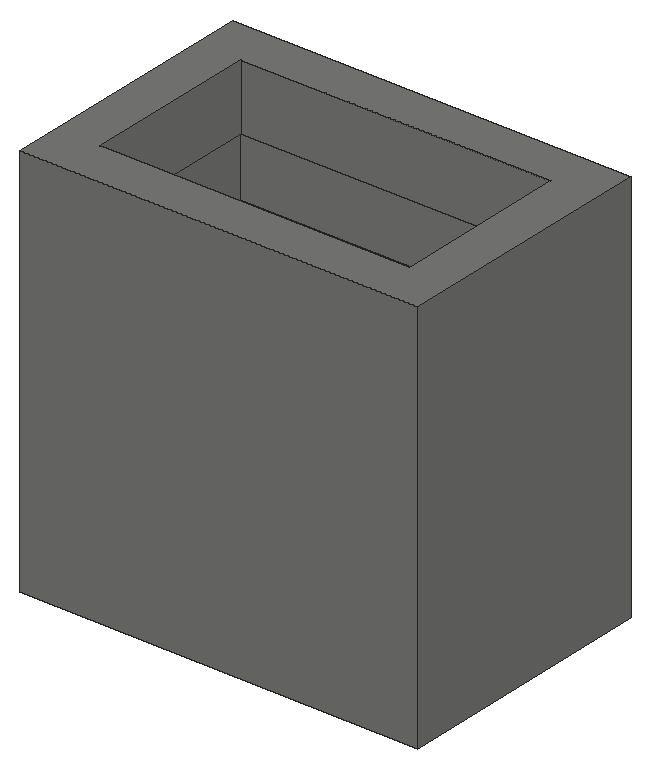
Revit family "Specialty_Equipment-Planter-Planters_Unlimited-Strato-Square-Rectangular", category Specialty Equipment, Revit 2023
Family settings
  Round Connector Dimension = Use Diameter
  Part Type = Normal
  OmniClass Number = 23.40.05.21.17
  OmniClass Title = Planters
  Work Plane-Based = No
  Enable Cutting in Views = Yes
  Always vertical = Yes
  Cut with Voids When Loaded = No
  Maintain Annotation Orientation = No
  Shared = No
  Room Calculation Point = No
Parameters (values of type "Default - Load Type Catalog")
  Stiffeners Horizontal = yes
  Square Planter = not(Rectangle Planter)  # no
  Corner Support Visibility by Length = if(CD_Requested Length > 40", 1 = 1, 1 = 0)  # no
  Corner Support = if(and(Square Planter, Corner Support Visibility by Length), 1 = 1, 1 = 0)  # no
  Center Divider = if(and(Rectangle Planter, Center Divider Visibility by Length), 1 = 1, 1 = 0)  # no
  CD_Width Min = 12"
  CD_Width Max = 72"
  CD_Width = if(CD_Requested Width < CD_Width Min, CD_Width Min, if(CD_Requested Width > CD_Width Max, CD_Width Max, CD_Requested Width))  # 12"
  CD_Requested Width Bottom = CD_Width / 1.5  # 8"
  CD_Requested Width = 12"
  URL = "https://www.plantersunlimited.com"
  Type Comments = "Rectangular/Square Planter"  # constant formula
  Model = "Strato Series Planters"  # constant formula
  Material = Fiberstone-Carlsbad-Charcoal
  Manufacturer = "Planters Unlimited"  # constant formula
  CD_Requested Length Bottom = CD_Length / 1.5  # 12"
  CD_Requested Length = 18"
  CD_Requested Height = 18"
  Description = "Modular Planting Bed"  # constant formula
  Default Elevation = 0"
  Center Divider Visibility by Length = if(CD_Requested Length > 50", 1 = 1, 1 = 0)  # no
  CD_Specification = "https://www.plantersunlimited.com/content/Planters/P48-S-FS.pdf"
  CD_Product Page URL = "https://www.plantersunlimited.com/strato-square-fiberstone-planter/"
  CD_Product Name = "Strato Planter"  # constant formula
  CD_Offset = 0"
  CD_Microsite = ""
  CD_Length Min = 18"
  CD_Length Max = 120"
  CD_Length = if(CD_Requested Length < CD_Length Min, CD_Length Min, if(CD_Requested Length > CD_Length Max, CD_Length Max, CD_Requested Length))  # 18"
  CD_Height Min = 18"
  CD_Height Max = 60"
  CD_Height = if(CD_Requested Height < CD_Height Min, CD_Height Min, if(CD_Requested Height > CD_Height Max, CD_Height Max, CD_Requested Height))  # 18"
  Assembly Code = "G2050600"
  Rectangle Planter = if(CD_Length / CD_Width = 1, 1 = 0, 1 = 1)  # yes
Reference planes (in)
  plane 1 "Center (Front/Back)": y = 0
  plane 2 "Bottom": z = 0
  plane 3 "Center (Left/Right)": x = 0
  plane 4 "Back": y = 6
  plane 5 "Front": y = -6
  plane 6 "Left": x = -9
  plane 7 "Right": x = 9
  plane 8 "Top": z = 18
  plane 9 "Top of Pads": z = 0.125
  plane 10: z = 0
  plane 11 "Back Bottom": y = 4
  plane 12 "Front Bottom": y = -4
  plane 13 "Left Bottom": x = -6
  plane 14 "Right Bottom": x = 6
  plane 15 "Width Left": x = -7.25
  plane 16 "Width Right": x = 7.25
  plane 17 "Width Back": y = 4.25
  plane 18 "Width Front": y = -4.25
  plane 19 "Width Left Bottom": x = -4.25
  plane 20 "Width Right Bottom": x = 4.25
  plane 21 "Width Front Bottom": y = -2.25
  plane 22 "Width Back Bottom": y = 2.25
  plane 23 "Opening Bottom": z = 2.125
  plane 24 "Trim Left": x = -7
  plane 25 "Trim Right": x = 7
  plane 26 "Trim Back": y = 4
  plane 27 "Trim Front": y = -4
  plane 28 "Trim Depth": z = 15
  plane 29 "Stiffener Bottom": z = 6
  plane 30 "Stiffener Top": z = 12
  plane 31 "Extrusion Front": y = -5.75
  plane 32 "Extrusion Back": y = 5.75
  plane 33 "Extrusion Right": x = 8.75
  plane 34 "Depth of Extrusion South36": x = -8.75
Forms (in)
  Blend 1, solid, material "Fiberstone-Carlsbad-Charcoal" <- "Material", detail levels fine
    base sketch origin (0, 0, 0) x (1, 0, 0) y (0, 1, 0)
      loop
        line (-9, 6) -> (-9, -6) -> (9, -6) -> (9, 6) -> (-9, 6)
    top sketch origin (0, 0, 0) x (1, 0, 0) y (0, 1, 0)
      loop
        line (-9, 6) -> (-9, -6) -> (9, -6) -> (9, 6) -> (-9, 6)
    from 0.125 to 18
  Blend 2, void
    base sketch origin (0, 0.08407, 0) x (1, 0, 0) y (0, 1, 0)
      loop
        line (-7.25, 4.16593) -> (-7.25, -4.33407) -> (7.25, -4.33407) -> (7.25, 4.16593) -> (-7.25, 4.16593)
    top sketch origin (0, 0.08407, 0) x (1, 0, 0) y (0, 1, 0)
      loop
        line (-7.25, 4.16593) -> (-7.25, -4.33407) -> (7.25, -4.33407) -> (7.25, 4.16593) -> (-7.25, 4.16593)
    from 2.125 to 18
  Sweep 3, solid, material "Fiberstone-Carlsbad-Charcoal" <- "Material", detail levels fine
    path origin (0, 0, 0) x (1, 0, 0) y (0, 1, 0)
      loop
        line (-7.25, 4.25) -> (-7.25, -4.25) -> (7.25, -4.25) -> (7.25, 4.25) -> (-7.25, 4.25)
    profile origin (0, 4.25, 0) x (0, 1, 0) y (0, 0, 1)
      loop
        line (0, 18) -> (-0.25, 18) -> (-0.25, 15) -> (0, 15) -> (0, 18)
  Extrusion 4, solid, material "Fiberstone-Carlsbad-Charcoal" <- "Material", visible <- "Square Planter", detail levels fine
    sketch origin (0, 0, 0) x (1, 0, 0) y (0, 1, 0)
      loop
        line (-8, 5) -> (-8, 2) -> (-5, 2) -> (-5, 5) -> (-8, 5)
      loop
        line (8, 5) -> (5, 5) -> (5, 2) -> (8, 2) -> (8, 5)
      loop
        line (-8, -5) -> (-5, -5) -> (-5, -2) -> (-8, -2) -> (-8, -5)
      loop
        line (8, -5) -> (8, -2) -> (5, -2) -> (5, -5) -> (8, -5)
      loop
        line (-1.5, 5) -> (-1.5, 2) -> (1.5, 2) -> (1.5, 5) -> (-1.5, 5)
      loop
        line (-1.5, -5) -> (1.5, -5) -> (1.5, -2) -> (-1.5, -2) -> (-1.5, -5)
      loop
        line (-8, -1.5) -> (-5, -1.5) -> (-5, 1.5) -> (-8, 1.5) -> (-8, -1.5)
      loop
        line (8, -1.5) -> (8, 1.5) -> (5, 1.5) -> (5, -1.5) -> (8, -1.5)
      loop
        line (-1.5, -1.5) -> (1.5, -1.5) -> (1.5, 1.5) -> (-1.5, 1.5) -> (-1.5, -1.5)
    from 0 to 0.125
  Extrusion 5, solid, material "Fiberstone-Carlsbad-Charcoal" <- "Material", visible <- "Center Divider"
    sketch origin (0, 0, 0) x (1, 0, 0) y (0, 1, 0)
      loop
        line (-0.22748, 4.25) -> (-0.22748, -4.25) -> (0.22748, -4.25) -> (0.22748, 4.25) -> (-0.22748, 4.25)
    from 6 to 12
  Blend 6, solid, material "Fiberstone-Carlsbad-Charcoal" <- "Material", detail levels coarse
    base sketch origin (0, 0, 0) x (1, 0, 0) y (0, 1, 0)
      loop
        line (-9, 6) -> (-9, -6) -> (9, -6) -> (9, 6) -> (-9, 6)
    top sketch origin (0, 0, 0) x (1, 0, 0) y (0, 1, 0)
      loop
        line (-9, 6) -> (-9, -6) -> (9, -6) -> (9, 6) -> (-9, 6)
    from 0 to 18
  Sweep 7, solid, material "Fiberstone-Carlsbad-Charcoal" <- "Material", detail levels coarse
    path origin (0, 0, 0) x (1, 0, 0) y (0, 1, 0)
      loop
        line (-7.25, 4.25) -> (-7.25, -4.25) -> (7.25, -4.25) -> (7.25, 4.25) -> (-7.25, 4.25)
    profile origin (0, 4.25, 0) x (0, 1, 0) y (0, 0, 1)
      loop
        line (0, 18) -> (-0.25, 18) -> (-0.25, 15) -> (0, 15) -> (0, 18)
  Blend 8, solid, material "Fiberstone-Carlsbad-Charcoal" <- "Material", detail levels medium
    base sketch origin (0, 0, 0) x (1, 0, 0) y (0, 1, 0)
      loop
        line (-9, 6) -> (-9, -6) -> (9, -6) -> (9, 6) -> (-9, 6)
    top sketch origin (0, 0, 0) x (1, 0, 0) y (0, 1, 0)
      loop
        line (-9, 6) -> (-9, -6) -> (9, -6) -> (9, 6) -> (-9, 6)
    from 0 to 18
  Sweep 9, solid, material "Fiberstone-Carlsbad-Charcoal" <- "Material", detail levels medium
    path origin (0, 0, 0) x (1, 0, 0) y (0, 1, 0)
      loop
        line (-7.25, 4.25) -> (-7.25, -4.25) -> (7.25, -4.25) -> (7.25, 4.25) -> (-7.25, 4.25)
    profile origin (0, 4.25, 0) x (0, 1, 0) y (0, 0, 1)
      loop
        line (0, 18) -> (-0.25, 18) -> (-0.25, 15) -> (0, 15) -> (0, 18)
  Extrusion 10, solid, material "Fiberstone-Carlsbad-Charcoal" <- "Material", visible <- "Stiffeners Horizontal"
    sketch origin (0, 0, 0) x (1, 0, 0) y (0, 1, 0)
      loop
        line (-7.25, 4.25) -> (-7.25, -4.25) -> (7.25, -4.25) -> (7.25, 4.25) -> (-7.25, 4.25)
      loop
        line (-5.25, 2.25) -> (-5.25, -2.25) -> (5.25, -2.25) -> (5.25, 2.25) -> (-5.25, 2.25)
    from 12 to 12.12998
  Extrusion 11, solid, material "Fiberstone-Carlsbad-Charcoal" <- "Material", visible <- "Stiffeners Horizontal"
    sketch origin (0, 0, 0) x (1, 0, 0) y (0, 1, 0)
      loop
        line (-7.25, 4.25) -> (-7.25, -4.25) -> (7.25, -4.25) -> (7.25, 4.25) -> (-7.25, 4.25)
      loop
        line (-5.25, 2.25) -> (-5.25, -2.25) -> (5.25, -2.25) -> (5.25, 2.25) -> (-5.25, 2.25)
    from 6 to 6.12998
  Extrusion 12, solid, material "Fiberstone-Carlsbad-Charcoal" <- "Material", visible <- "Rectangle Planter", detail levels fine
    sketch origin (0, 0, 0) x (1, 0, 0) y (0, 1, 0)
      loop
        line (-8, 5) -> (-8, 2) -> (-5, 2) -> (-5, 5) -> (-8, 5)
      loop
        line (8, 5) -> (5, 5) -> (5, 2) -> (8, 2) -> (8, 5)
      loop
        line (-8, -5) -> (-5, -5) -> (-5, -2) -> (-8, -2) -> (-8, -5)
      loop
        line (8, -5) -> (8, -2) -> (5, -2) -> (5, -5) -> (8, -5)
      loop
        line (-3.66667, 5) -> (-3.66667, 2) -> (-0.66667, 2) -> (-0.66667, 5) -> (-3.66667, 5)
      loop
        line (0.66667, 5) -> (0.66667, 2) -> (3.66667, 2) -> (3.66667, 5) -> (0.66667, 5)
      loop
        line (-3.66667, -5) -> (-0.66667, -5) -> (-0.66667, -2) -> (-3.66667, -2) -> (-3.66667, -5)
      loop
        line (0.66667, -5) -> (3.66667, -5) -> (3.66667, -2) -> (0.66667, -2) -> (0.66667, -5)
    from 0 to 0.125
  Extrusion 13, solid, material "Fiberstone-Carlsbad-Charcoal" <- "Material", visible <- "Corner Support"
    sketch origin (0, 0, 0) x (1, 0, 0) y (0, 1, 0)
      loop
        line (6, -4.25) -> (7.25, -4) -> (7.25, -3.63944) -> (4.19722, -4.25) -> (6, -4.25)
    from 2.125 to 15
  Extrusion 14, solid, material "Fiberstone-Carlsbad-Charcoal" <- "Material", visible <- "Corner Support"
    sketch origin (0, 0, 0) x (-1, 0, 0) y (0, -1, 0)
      loop
        line (6, 4.25) -> (4.19722, 4.25) -> (7.25, 3.63944) -> (7.25, 4) -> (6, 4.25)
    from 2.125 to 15
  Extrusion 15, solid, material "Fiberstone-Carlsbad-Charcoal" <- "Material", visible <- "Corner Support"
    sketch origin (0, 0, 0) x (1, 0, 0) y (0, 1, 0)
      loop
        line (6, 4.25) -> (4.19722, 4.25) -> (7.25, 3.63944) -> (7.25, 4) -> (6, 4.25)
    from 2.125 to 15
  Extrusion 16, solid, material "Fiberstone-Carlsbad-Charcoal" <- "Material", visible <- "Corner Support"
    sketch origin (0, 0, 0) x (-1, 0, 0) y (0, -1, 0)
      loop
        line (6, -4.25) -> (7.25, -4) -> (7.25, -3.63944) -> (4.19722, -4.25) -> (6, -4.25)
    from 2.125 to 15
Cuts and joins
  Blend 2 cuts Blend 1
  joined: Blend 1, Sweep 3
  Blend 2 cuts Blend 6
  joined: Blend 6, Sweep 7
  Blend 2 cuts Blend 8
  joined: Blend 8, Sweep 9
Dimensions and locks (in)
  equal spacing: plane 6 "Left", plane 3 "Center (Left/Right)", plane 7 "Right"
  "CD_Length": plane 6 "Left" to plane 7 "Right"
  equal spacing: plane 4 "Back", plane 1 "Center (Front/Back)", plane 5 "Front"
  "CD_Width": plane 5 "Front" to plane 4 "Back"
  equal spacing: plane 13 "Left Bottom", plane 3 "Center (Left/Right)", plane 14 "Right Bottom"
  equal spacing: plane 11 "Back Bottom", plane 1 "Center (Front/Back)", plane 12 "Front Bottom"
  "CD_Requested Length Bottom": plane 13 "Left Bottom" to plane 14 "Right Bottom"
  "CD_Requested Width Bottom": plane 11 "Back Bottom" to plane 12 "Front Bottom"
  locked: plane 4 "Back" to plane 17 "Width Back" at 1.75
  locked: plane 5 "Front" to plane 18 "Width Front" at 1.75
  locked: plane 6 "Left" to plane 15 "Width Left" at 1.75
  locked: plane 16 "Width Right" to plane 7 "Right" at 1.75
  locked: plane 11 "Back Bottom" to plane 22 "Width Back Bottom" at 1.75
  locked: plane 12 "Front Bottom" to plane 21 "Width Front Bottom" at 1.75
  locked: plane 13 "Left Bottom" to plane 19 "Width Left Bottom" at 1.75
  locked: plane 20 "Width Right Bottom" to plane 14 "Right Bottom" at 1.75
  locked: plane 23 "Opening Bottom" to plane 9 "Top of Pads" at 2
  locked: plane 6 "Left" to plane 24 "Trim Left" at 2
  locked: plane 25 "Trim Right" to plane 7 "Right" at 2
  locked: plane 4 "Back" to plane 26 "Trim Back" at 2
  locked: plane 5 "Front" to plane 27 "Trim Front" at 2
  locked: plane 8 "Top" to plane 28 "Trim Depth" at 3
  locked: plane 9 "Top of Pads" to plane 2 "Bottom" at 0.125
  "CD_Offset": plane 2 "Bottom" to level
  "CD_Height": plane 8 "Top" to plane 2 "Bottom"
  locked: Extrusion 4 sketch curve to Extrusion 4 sketch curve at 3  (x18)
  locked: Extrusion 4 sketch curve to plane 4 "Back" at 1  (x2)
  locked: plane 6 "Left" to Extrusion 4 sketch curve at 1  (x3)
  locked: Extrusion 4 sketch curve to plane 7 "Right" at 1  (x3)
  locked: plane 5 "Front" to Extrusion 4 sketch curve at 1  (x2)
  equal spacing: Extrusion 5 sketch curve, plane 3 "Center (Left/Right)", Extrusion 5 sketch curve
  locked: Extrusion 5 sketch curve to Extrusion 5 sketch curve at 0.45496
  locked: Sweep 7 sketch curve to Sweep 7 sketch curve at 0.25
  locked: Sweep 7 sketch curve to Sweep 7 sketch curve at 3
  locked: Sweep 3 sketch curve to Sweep 3 sketch curve at 3
  locked: Sweep 9 sketch curve to Sweep 9 sketch curve at 0.25
  equal spacing: plane 8 "Top", plane 30 "Stiffener Top", plane 29 "Stiffener Bottom", plane 2 "Bottom"
  locked: Extrusion 10 to Extrusion 10 at 0.12998
  locked: Extrusion 10 sketch curve to Extrusion 10 sketch curve at 2  (x4)
  locked: Extrusion 11 sketch curve to Extrusion 11 sketch curve at 2  (x4)
  locked: Extrusion 11 to plane 29 "Stiffener Bottom" at 0.12998
  locked: plane 31 "Extrusion Front" to plane 5 "Front" at 0.25
  locked: plane 4 "Back" to plane 32 "Extrusion Back" at 0.25
  locked: plane 7 "Right" to plane 33 "Extrusion Right" at 0.25
  locked: plane 6 "Left" to plane 34 "Depth of Extrusion South36" at 0.25
  cut or joined group of Blend 2, Blend 8, Sweep 9 to plane 9 "Top of Pads" = 2"
  locked: plane 9 "Top of Pads" to cut or joined group of Blend 2, Blend 8, Sweep 9 at 2
  equal spacing: Extrusion 4 sketch curve, plane 3 "Center (Left/Right)", Extrusion 4 sketch curve  (x3)
  locked: Extrusion 12 sketch curve to Extrusion 12 sketch curve at 3  (x16)
  locked: Extrusion 12 sketch curve to plane 4 "Back" at 1
  locked: plane 6 "Left" to Extrusion 4 at 1  (x2)
  locked: Extrusion 4 to plane 7 "Right" at 1
  locked: plane 6 "Left" to Extrusion 12 sketch curve at 1
  locked: Extrusion 12 sketch curve to plane 7 "Right" at 1
  plane 5 "Front" to Extrusion 4 = 1"
  locked: plane 5 "Front" to Extrusion 12 sketch curve at 1
  equal spacing: Extrusion 12 sketch curve, Extrusion 12 sketch curve, Extrusion 12 sketch curve, Extrusion 12 sketch curve  (x2)
  locked: Extrusion 13 sketch curve to Extrusion 13 sketch curve at 0.35355
  locked: Extrusion 14 sketch curve to Extrusion 14 sketch curve at 0.35355
  Extrusion 15 sketch curve to Extrusion 15 sketch curve = 0.35355"
  Extrusion 16 sketch curve to Extrusion 16 sketch curve = 0.35355"
  aligned and locked: Blend 1 sketch curve to plane 4 "Back"  (x2)
  aligned and locked: plane 6 "Left" to Blend 1 sketch curve  (x2)
  aligned and locked: Blend 1 sketch curve to plane 5 "Front"  (x2)
  aligned and locked: plane 7 "Right" to Blend 1 sketch curve  (x2)
  aligned and locked: plane 8 "Top" to Blend 1
  aligned and locked: Blend 1 to plane 9 "Top of Pads"
  aligned and locked: Blend 2 sketch curve to plane 17 "Width Back"  (x2)
  aligned and locked: plane 15 "Width Left" to Blend 2 sketch curve  (x2)
  aligned and locked: Blend 2 sketch curve to plane 18 "Width Front"  (x2)
  aligned and locked: plane 16 "Width Right" to Blend 2 sketch curve  (x2)
  aligned and locked: Blend 2 to plane 23 "Opening Bottom"
  aligned and locked: plane 8 "Top" to Blend 2
  aligned and locked: plane 8 "Top" to Sweep 3
  aligned and locked: Sweep 3 to plane 28 "Trim Depth"
  aligned and locked: plane 9 "Top of Pads" to Extrusion 4
  aligned and locked: Extrusion 4 to plane 2 "Bottom"
  aligned and locked: plane 8 "Top" to cut or joined group of Blend 1, Blend 2, Sweep 3
  aligned and locked: cut or joined group of Blend 1, Blend 2, Sweep 3 to plane 28 "Trim Depth"
  aligned and locked: cut or joined group of Blend 1, Blend 2, Sweep 3 to plane 26 "Trim Back"
  aligned and locked: cut or joined group of Blend 1, Blend 2, Sweep 3 to plane 27 "Trim Front"
  aligned and locked: plane 18 "Width Front" to Extrusion 5
  aligned and locked: cut or joined group of Blend 1, Blend 2, Sweep 3 to Extrusion 5
  aligned and locked: plane 17 "Width Back" to Extrusion 5
  aligned and locked: Blend 6 to plane 2 "Bottom"
  aligned and locked: plane 8 "Top" to Blend 6
  aligned and locked: plane 6 "Left" to Blend 6 sketch curve  (x2)
  aligned and locked: Blend 6 sketch curve to plane 4 "Back"  (x2)
  aligned and locked: plane 7 "Right" to Blend 6 sketch curve  (x2)
  aligned and locked: Blend 6 sketch curve to plane 5 "Front"  (x2)
  aligned and locked: plane 15 "Width Left" to Sweep 7 sketch curve
  aligned and locked: Sweep 7 sketch curve to plane 17 "Width Back"
  aligned and locked: plane 16 "Width Right" to Sweep 7 sketch curve
  aligned and locked: Sweep 7 sketch curve to plane 18 "Width Front"
  aligned and locked: plane 17 "Width Back" to Sweep 7 sketch curve
  aligned and locked: cut or joined group of Blend 2, Blend 6, Sweep 7 to plane 28 "Trim Depth"
  aligned and locked: plane 8 "Top" to cut or joined group of Blend 2, Blend 6, Sweep 7  (x2)
  aligned and locked: Blend 1 to Blend 2
  aligned and locked: Blend 8 to plane 2 "Bottom"
  aligned and locked: plane 8 "Top" to Sweep 9  (x3)
  aligned and locked: Sweep 9 to plane 28 "Trim Depth"  (x2)
  aligned and locked: plane 15 "Width Left" to Sweep 3 sketch curve
  aligned and locked: Sweep 3 sketch curve to plane 17 "Width Back"
  aligned and locked: plane 16 "Width Right" to Sweep 3 sketch curve
  aligned and locked: Sweep 3 sketch curve to plane 18 "Width Front"
  aligned and locked: plane 17 "Width Back" to Sweep 3 sketch curve
  aligned and locked: plane 8 "Top" to Blend 8
  aligned and locked: plane 6 "Left" to Blend 8 sketch curve  (x2)
  aligned and locked: Blend 8 sketch curve to plane 4 "Back"  (x2)
  aligned and locked: plane 7 "Right" to Blend 8 sketch curve  (x2)
  aligned and locked: Blend 8 sketch curve to plane 5 "Front"  (x2)
  aligned and locked: Extrusion 10 to plane 30 "Stiffener Top"
  aligned and locked: plane 16 "Width Right" to Extrusion 10 sketch curve
  aligned and locked: Extrusion 10 sketch curve to plane 17 "Width Back"
  aligned and locked: Extrusion 11 to plane 29 "Stiffener Bottom"
  aligned and locked: Extrusion 5 to plane 29 "Stiffener Bottom"
  aligned and locked: plane 30 "Stiffener Top" to Extrusion 5
  aligned and locked: plane 9 "Top of Pads" to Extrusion 12
  aligned and locked: Extrusion 12 to plane 2 "Bottom"
  aligned and locked: Extrusion 12 sketch curve to Extrusion 4
  aligned and locked: Extrusion 4 to Extrusion 12 sketch curve
  aligned and locked: Extrusion 12 sketch curve to Extrusion 12 sketch curve  (x5)
  aligned and locked: plane 17 "Width Back" to Extrusion 11
  aligned and locked: plane 18 "Width Front" to Extrusion 11
  aligned and locked: Extrusion 13 sketch curve to plane 16 "Width Right"
  aligned and locked: plane 18 "Width Front" to Extrusion 13 sketch curve
  aligned and locked: cut or joined group of Blend 1, Blend 2, Sweep 3 to Extrusion 13
  aligned and locked: Extrusion 13 to cut or joined group of Blend 1, Blend 2, Sweep 3
  aligned and locked: plane 15 "Width Left" to Extrusion 14 sketch curve
  aligned and locked: Extrusion 14 sketch curve to plane 18 "Width Front"
  aligned and locked: Extrusion 14 to cut or joined group of Blend 1, Blend 2, Sweep 3  (x2)
  aligned and locked: plane 16 "Width Right" to Extrusion 15 sketch curve
  aligned and locked: Extrusion 15 sketch curve to plane 17 "Width Back"
  aligned and locked: cut or joined group of Blend 1, Blend 2, Sweep 3 to Extrusion 15
  aligned and locked: Extrusion 15 to cut or joined group of Blend 1, Blend 2, Sweep 3
  aligned and locked: Extrusion 16 sketch curve to plane 15 "Width Left"
  aligned and locked: plane 17 "Width Back" to Extrusion 16 sketch curve
  aligned and locked: Extrusion 16 to cut or joined group of Blend 1, Blend 2, Sweep 3  (x2)
  aligned and locked: Extrusion 4 sketch curve to Extrusion 4 sketch curve  (x3)
Automatic sketch dimensions
  Extrusion 13 sketch curve to plane 14 "Right Bottom" = 0"
  plane 12 "Front Bottom" to Extrusion 13 sketch curve = 0"
  Extrusion 14 sketch curve to plane 13 "Left Bottom" = 0"
  plane 12 "Front Bottom" to Extrusion 14 sketch curve = 0"
  Extrusion 15 sketch curve to plane 14 "Right Bottom" = 0"
  Extrusion 15 sketch curve to plane 11 "Back Bottom" = 0"
  Extrusion 16 sketch curve to plane 13 "Left Bottom" = 0"
  Extrusion 16 sketch curve to plane 11 "Back Bottom" = 0"
  profile plane to Sweep 3 sketch curve = 1/4"
  level to Sweep 3 sketch curve = 15"
  plane 1 "Center (Front/Back)" to Extrusion 4 sketch curve = 1 1/2"  (x2)
  plane 18 "Width Front" to Extrusion 5 sketch curve = 0"
  Extrusion 5 sketch curve to plane 17 "Width Back" = 0"
  level to Sweep 7 sketch curve = 15"
  Sweep 9 sketch curve to plane 15 "Width Left" = 0"
  Sweep 9 sketch curve to plane 16 "Width Right" = 0"
  Sweep 9 sketch curve to plane 18 "Width Front" = 0"
  Sweep 9 sketch curve to plane 17 "Width Back" = 0"
  Sweep 9 sketch curve to profile plane = 0"
  level to Sweep 9 sketch curve = 15"
  Sweep 9 sketch curve to Sweep 9 sketch curve = 3"
  Extrusion 10 sketch curve to plane 15 "Width Left" = 0"
  plane 18 "Width Front" to Extrusion 10 sketch curve = 0"
  Extrusion 11 sketch curve to plane 15 "Width Left" = 0"
  Extrusion 11 sketch curve to plane 16 "Width Right" = 0"
  plane 18 "Width Front" to Extrusion 11 sketch curve = 0"
  Extrusion 11 sketch curve to plane 17 "Width Back" = 0"
  Extrusion 12 sketch curve to plane 15 "Width Left" = 3/4"
